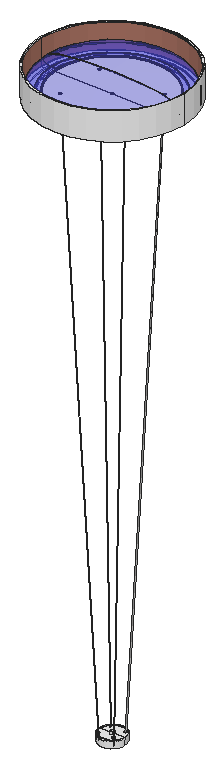
Revit family "50367.6_BEGA_Revit", category Generic Models, host Face, Revit 2017
Family settings
  Host = Face
  Can host rebar = No
  Round Connector Dimension = Use Diameter
  Part Type = Normal
  Cut with Voids When Loaded = No
  Shared = No
  Room Calculation Point = No
Parameters
  Default Elevation = 4' - 0"
Reference planes (in)
  plane 1 "Center (Front/Back)": y = 0
  plane 2: z = 0
  plane 3 "Center (Left/Right)": x = 0
Lines and regions (in)
  reference lines
    curve 1: line (0, 48, 0) -> (0, -48, 0)
    curve 2: line (48, 0, 0) -> (-48, 0, 0)
Dimensions and locks (in)
  aligned and locked: plane 2 to host face
  aligned and locked: level to host face
Nested families (in)
  nested 1: "50367.6_BEGA_Revit" at (0, 0, 0), type "BEGA_50366.6_K4"
    with Serial_number "Here you can enter the individual serial number for use in facility management.", Restrictions_to_operation_position "", Material_01 BEGA_finishes_graphite_matt, Distance_to_illuminated_objects "", Dimmable "DALI", Connected_wattage "101 W"
Definition of nested family "50367.6_BEGA_Revit"
  Parameters (values of type "BEGA_50366.6_K4")
    Weight = "28.9 kg"
    Voltage = 239.996 V
    Update = "2019-07-08T04:00:16"
    URL = "http://www.bega.de/de/produkt/50366.6"
    Type Comments = "© 2017 BEGA. Technical amendments reserved."
    Surface_temperature = ""
    Service_life_criteria = "L70B50 @ 25 °C = 200000 h"
    Serial_number [instance] = "Here you can enter the individual serial number for use in facility management."
    Safety_class = "I"
    Restrictions_to_operation_position [instance] = ""
    Protection_class = "IP 20"
    Product_data_sheet = "http://www.bega.de/download/Xrfa/db/50366.6.db.en.pdf"
    Order_number = "50366.6K4"
    Number_of_luminaires = ""
    Model = "50366.6K4"
    Material_29 = none
    Material_17 = none
    Material_15 = none
    Material_14 = none
    Material_11 = none
    Material_09 = none
    Material_06 = none
    Material_05 = none
    Material_03 = none
    Material_02 = none
    Material_01 [instance] = none
    Manufacturer = "BEGA"  # constant formula
    M_W = no
    M_G = no
    M_A = no
    Luminaire_luminous_flux = "10794 lm"
    Logo = 0
    Load_Classification = none
    Lamp_luminous_flux = "15420 lm"
    Lamp = "LED 92.4 W"
    LED_module_designation = "4x LED-0704/940"
    Half_beam_angle = ""
    Frequency = "0/50-60 Hz"
    Fixing_hole = ""
    Fixing_distance = ""
    Energy_efficiency_class = "LED A++ - A"
    built-in parameter 1150104 = 15.506 (stored number, unit not read)
    Wattage = 92.4 W
    ENEC = ""
    Distance_to_illuminated_objects [instance] = ""
    Dimmable [instance] = "DALI"
    Description_custom_made_product = "Here you can specify modifications of your custom-made product"
    Description = "Large-area pendant luminaire"
    Default Elevation = 0' - 0"
    built-in parameter 1150113 = 1 (stored number, unit not read)
    Custom_made_product = no
    Current = ""
    Connection_box = ""
    Connecting_cable = ""
    Connected_wattage [instance] = "101 W"
    Colour_temperature = "4000 K"
    Colour_rendering_index = "CRI > 90"
    CE_conformity = "yes"
    Bega_IES = yes
    Ballproof = ""
    built-in parameter 1114218 = 1 (stored number, unit not read)
    built-in parameter 1150134 = 12
    built-in parameter 1150109 = 1 (stored number, unit not read)
    built-in parameter 1150110 = 1 (stored number, unit not read)
    Tilt Angle = 0.00°
    built-in parameter 1114217 = 1 (stored number, unit not read)
    built-in parameter 1150139 = (empty or 0)
    built-in parameter 1150105 = 1227.2 (stored number, unit not read)
    built-in parameter 1150114 = 1 (stored number, unit not read)
    Lumens = 15421.6 lm
    built-in parameter 1150115 = 1 (stored number, unit not read)
    built-in parameter 1150112 = 1 (stored number, unit not read)
    Dimming Lamp Color Temperature Shift = (empty or 0)
    Color Filter = 16777215
    BEGA_internal_structure = yes
    BEGA_internal_on = yes
    BEGA_internal_off = yes
    BEGA_internal = yes
    BEGA_dummy = no
    built-in parameter 1150133 = 10 (stored number, unit not read)
    built-in parameter 1150137 = (empty or 0)
    built-in parameter 1150132 = (empty or 0)
    Photometric Web File = "BE_50366-6K4.IES"
    built-in parameter 1150106 = 12.272 (stored number, unit not read)
    built-in parameter 1150107 = 4000 (stored number, unit not read)
    built-in parameter 1150102 = (empty or 0)
    built-in parameter 1150138 = (empty or 0)
    Apparent Load = 0 VA
    Ambient_temperature = "25 °C"
    AC/DC = "AC/DC"
  Types (2): name | Order_number | Model | Luminaire_luminous_flux | Lamp_luminous_flux | LED_module_designation | built-in parameter 1150104 | Colour_temperature | built-in parameter 1150134 | built-in parameter 1150105 | Lumens | Photometric Web File | built-in parameter 1150106 | built-in parameter 1150107
    BEGA_50366.6_K4 | "50366.6K4" | "50366.6K4" | "10794 lm" | "15420 lm" | "4x LED-0704/940" | 15.506 (stored number, unit not read) | "4000 K" | 12 | 1227.2 (stored number, unit not read) | 15421.6 lm | "BE_50366-6K4.IES" | 12.272 (stored number, unit not read) | 4000 (stored number, unit not read)
    BEGA_50366.6_K3 | "50366.6K3" | "50366.6" | "10472 lm" | "14960 lm" | "4x LED-0704/930" | 15.041 (stored number, unit not read) | "3000 K" | (empty or 0) | 1190.4 (stored number, unit not read) | 14959.6 lm | "BE_50366-6.IES" | 11.904 (stored number, unit not read) | 3000 (stored number, unit not read)
  Reference planes (in)
    plane 1 "Center (Front/Back)": y = 0
    plane 2: z = 0
    plane 3 "Center (Left/Right)": x = 0
    plane 4 "left": x = -20.59056
    plane 5 "right": x = 20.59056
    plane 6 "down": y = -20.59055
    plane 7 "up": y = 20.59055
    plane 8 "Back": z = 0
    plane 9 "Front": z = 172.45864
  Forms (in)
    Extrusion 1, solid
      sketch origin (0, 0, 0) x (1, 0, 0) y (0, 1, 0)
        loop
          line (-7.87402, 7.87402) -> (-7.87402, -7.87402) -> (7.87402, -7.87402) -> (7.87402, 7.87402) -> (-7.87402, 7.87402)
      from 0 to -0.3937
    Extrusion 2, solid, visible <- "BEGA_dummy"
      sketch origin (3.03736, -2.99303, 0) x (1, 0, 0) y (0, 1, 0)
        loop
          circle (-3.03736, 2.99303) r 20.59056
      from 0 to 172.45864
  Dimensions and locks (in)
    aligned and locked: plane 2 to Extrusion 1
    aligned and locked: level to Extrusion 1
  Nested families (in)
    nested 1: "BE_50366.6" at (0, 0, 0), type "BE_50366.6"
  Connectors (in)
    electrical at (0, 0, 0), driven by "Apparent Load", driven by "Load_Classification", driven by "Voltage"
      settings: on Extrusion 1, index 1, voltage 239.996 V, apparent load 0 VA, apparent load phase1 0 VA, apparent load phase2 0 VA, apparent load phase3 0 VA, power factor 1, load classification none, number of poles 1, system type 31, power factor state 1, is connector primary yes, connector utility no, sub classification motor no, connector description ""
  Definition of nested family "BE_50366.6"
    Parameters (values of type "BE_50366.6")
      Default Elevation = 0' - 0.03937"
      URL = "http://www.bega.de/de/produkt"
      Type Comments = "© 2015 BEGA. Wir behalten uns das Recht vor, technische Änderungen ohne vorherige Ankündigung vorzunehmen. "  # constant formula
      Type Image = (empty or 0)
      Neigungswinkel_um_Z2 = 0.00°
      Neigungswinkel_um_Z1 = 0.00°
      Neigungswinkel_um_Y2 = 0.00°
      Neigungswinkel_um_Y1 = 0.00°
      Neigungswinkel_um_X2 = 0.00°
      Neigungswinkel_um_X1 = 0.00°
      Material_29 = none
      Material_17 = none
      Material_15 = none
      Material_14 = none
      Material_11 = none
      Material_09 = none
      Material_06 = none
      Material_05 = none
      Material_03 = none
      Material_02 = none
      Material_01 = none
      M_W = yes
      M_G = yes
      M_A = yes
      Länge_Platte = 1' - 3.74803"  # constant formula
      Höhe_Platte = -0' - 0.3937"  # constant formula
      Manufacturer = "BEGA"  # constant formula
      Drehwinkel_um_Z2 = 0.00°
      Drehwinkel_um_Z1 = 0.00°
      Breite_Platte = 1' - 3.74803"  # constant formula
    Reference planes (in)
      plane 1 "Mitte (Oben/Unten)": y = 0
      plane 2: z = 0
      plane 3 "Mitte (Links/Rechts)": x = 0
      plane 4: x = -20.59056
      plane 5: x = 20.59056
      plane 6: z = 0
      plane 7: z = 172.45864
      plane 8: y = -20.59055
      plane 9: y = 20.59055
    Forms (in)
      Extrusion 1, solid, detail levels medium
        sketch origin (0, 0, 0) x (1, 0, 0) y (0, 1, 0)
          loop
            line (-7.87402, 7.87402) -> (-7.87402, -7.87402) -> (7.87402, -7.87402) -> (7.87402, 7.87402) -> (-7.87402, 7.87402)
        from 0 to -0.3937 <- "Höhe_Platte"
      Revolve 2, solid, material <- "Material_03", detail levels medium+fine
        sketch origin (0, 0, 0) x (1, 0, 0) y (0, 0, 1)
          loop
            arc (-3.60236, 1.9685) -> (-3.65804, 1.94544) -> (-3.6811, 1.88976) r 0.07874
            line (-3.6811, 1.88976) -> (-3.6811, 0) -> (-3.60236, 0) -> (-3.60236, 1.85039)
            arc (-3.60236, 1.85039) -> (-3.59083, 1.87823) -> (-3.56299, 1.88976) r 0.03937
            line (-3.56299, 1.88976) -> (0, 1.88976) -> (0, 2.37205) -> (-0.51181, 2.37205) -> (-0.55118, 2.33268) -> (-0.55118, 1.9685) -> (-3.60236, 1.9685)
          axis (0, 2.37205) -> (0, 0)
        angle from 0 to 360
      Extrusion 3, void
        sketch origin (0, 0, 0) x (1, 0, 0) y (0, 1, 0)
          loop
            arc (2.15686, -2.07334) -> (1.88608, -1.88608) -> (2.07334, -2.15686) r 0.16732
            line (2.07334, -2.15686) -> (2.40806, -2.49158)
            arc (2.40806, -2.49158) -> (2.49168, -2.49147) -> (2.49136, -2.40785) r 0.05906
            line (2.49136, -2.40785) -> (2.15686, -2.07334)
          loop
            line (2.15686, 2.07334) -> (2.49136, 2.40785)
            arc (2.49136, 2.40785) -> (2.49168, 2.49147) -> (2.40806, 2.49158) r 0.05906
            line (2.40806, 2.49158) -> (2.07334, 2.15686)
            arc (2.07334, 2.15686) -> (1.88608, 1.88608) -> (2.15686, 2.07334) r 0.16732
          loop
            line (-2.15686, -2.07334) -> (-2.49136, -2.40785)
            arc (-2.49136, -2.40785) -> (-2.49168, -2.49147) -> (-2.40806, -2.49158) r 0.05906
            line (-2.40806, -2.49158) -> (-2.07334, -2.15686)
            arc (-2.07334, -2.15686) -> (-1.88608, -1.88608) -> (-2.15686, -2.07334) r 0.16732
          loop
            arc (-2.15686, 2.07334) -> (-1.88608, 1.88608) -> (-2.07334, 2.15686) r 0.16732
            line (-2.07334, 2.15686) -> (-2.40806, 2.49158)
            arc (-2.40806, 2.49158) -> (-2.49168, 2.49147) -> (-2.49136, 2.40785) r 0.05906
            line (-2.49136, 2.40785) -> (-2.15686, 2.07334)
        from 1.7691 to 2.00944
      Revolve 4, solid, material <- "Material_03", detail levels medium+fine
        sketch origin (0, 0, 0) x (0.707107, -0.707107, 0) y (0, 0, 1)
          loop
            line (2.1063, 1.9685) -> (2.22048, 1.9685) -> (2.22048, 2.04733)
            arc (2.22048, 2.04733) -> (2.21471, 2.06116) -> (2.20088, 2.06693) r 0.01969
            line (2.20088, 2.06693) -> (2.12599, 2.06691)
            arc (2.12599, 2.06691) -> (2.11207, 2.06114) -> (2.1063, 2.04722) r 0.01969
            line (2.1063, 2.04722) -> (2.1063, 1.9685)
          axis (2.3622, 1.9685) -> (2.3622, 2.06693)
        angle from 0 to 360
      Revolve 5, void
        sketch origin (0, 0, 0) x (1, 0, 0) y (0, 0, 1)
          loop
            line (-3.58138, 0.86614) -> (-3.69089, 0.86614) -> (-3.69089, 0.7874) -> (-3.58138, 0.7874) -> (-3.58138, 0.86614)
          axis (-3.58138, 0.7874) -> (-3.69089, 0.7874)
        angle from 0 to 360
      Revolve 6, solid, material <- "Material_06", detail levels medium+fine
        sketch origin (-0.60795, -0.58707, 0.01977) x (0.707049, 0.707107, 0.009009) y (-0.012741, 0, 0.999919)
          loop
            line (-9.27343, 165.31893) -> (-2.11998, 0.30085) -> (-2.08852, 0.30221) -> (-9.24196, 165.32029) -> (-9.27343, 165.31893)
          axis (-9.24196, 165.32029) -> (-2.08852, 0.30221)
        angle from 0 to 360
      Revolve 7, solid, material <- "Material_06", detail levels medium+fine
        sketch origin (0.60795, -0.58707, 0.01977) x (-0.707049, 0.707107, 0.009009) y (-0.012741, 0, -0.999919)
          loop
            line (-9.27158, -165.27641) -> (-9.24012, -165.27778) -> (-2.08852, -0.30221) -> (-2.11998, -0.30085) -> (-9.27158, -165.27641)
          axis (-9.24012, -165.27778) -> (-2.08852, -0.30221)
        angle from 0 to 360
      Revolve 8, solid, material <- "Material_06", detail levels medium+fine
        sketch origin (-0.60795, 0.58707, 0.01977) x (0.707049, -0.707107, 0.009009) y (0.012741, 0, -0.999919)
          loop
            line (-9.27362, -165.32339) -> (-9.24215, -165.32476) -> (-2.08852, -0.30221) -> (-2.11998, -0.30085) -> (-9.27362, -165.32339)
          axis (-9.24215, -165.32476) -> (-2.08852, -0.30221)
        angle from 0 to 360
      Revolve 9, solid, material <- "Material_06", detail levels medium+fine
        sketch origin (0.60795, 0.58707, 0.01977) x (-0.707049, -0.707107, 0.009009) y (0.012741, 0, 0.999919)
          loop
            line (-9.27155, 165.27568) -> (-2.11998, 0.30085) -> (-2.08852, 0.30221) -> (-9.24008, 165.27704) -> (-9.27155, 165.27568)
          axis (-9.24008, 165.27704) -> (-2.08852, 0.30221)
        angle from 0 to 360
      Revolve 10, solid
        sketch origin (0, 0, 0) x (1, 0, 0) y (0, 0, 1)
          loop
            line (-17.11757, 164.68699) -> (-17.11757, 164.8051) -> (-20.27045, 164.8051) -> (-20.27045, 164.68699) -> (-17.11757, 164.68699)
          axis (0, 164.68699) -> (0, 164.8051)
        angle from 0 to 360
      Revolve 11, solid, material <- "Material_03", detail levels medium+fine
        sketch origin (0, 0, 0) x (1, 0, 0) y (0, 0, 1)
          loop
            line (-20.27045, 164.68699) -> (-17.11757, 164.68699) -> (-17.11757, 164.8051) -> (-20.27045, 164.8051) -> (-20.27045, 164.68699)
          loop
            line (-17.31442, 165.24604) -> (-17.31442, 165.1673) -> (-17.31442, 164.93896) -> (-17.26265, 164.93896) -> (-17.26265, 165.1673) -> (0, 165.1673) -> (0, 165.24604) -> (-17.31442, 165.24604)
          axis (0, 164.68699) -> (0, 165.24604)
        angle from 0 to 360
      Revolve 12, solid, material <- "Material_03", detail levels medium+fine
        sketch origin (0, 0, 0) x (1, 0, 0) y (0, 0, 1)
          loop
            line (-20.59056, 172.45864) -> (-20.59056, 164.58463) -> (-20.43308, 164.58463) -> (-20.43308, 164.93896) -> (-19.25197, 164.93896) -> (-19.25197, 165.09644) -> (-20.43308, 165.09644) -> (-20.43308, 172.32085) -> (-20.23623, 172.32085) -> (-20.23623, 172.45864) -> (-20.59056, 172.45864)
          axis (0, 164.58463) -> (0, 172.45864)
        angle from 0 to 360
      Revolve 13, solid, material <- "Material_29", detail levels medium+fine
        sketch origin (0, 0, 0) x (1, 0, 0) y (0, 0, 1)
          loop
            line (-20.37402, 172.32085) -> (-20.43308, 172.32085) -> (-20.43308, 165.23423) -> (-20.37402, 165.23423) -> (-20.37402, 172.32085)
          axis (0, 165.23423) -> (0, 172.32085)
        angle from 0 to 360
      Revolve 14, solid, material <- "Material_14", detail levels medium+fine
        sketch origin (0, 0, 0) x (1, 0, 0) y (0, 0, 1)
          loop
            spline (-0.00145, 171.06101) -> (-3.02258, 171.03354) -> (-5.82124, 170.95129) -> (-8.38673, 170.81457) -> (-10.70924, 170.62392) -> (-12.77987, 170.38004) -> (-14.59072, 170.08389) -> (-16.13486, 169.73659) -> (-17.40638, 169.33946) -> (-18.40042, 168.89404) -> (-19.11318, 168.40202) -> (-19.54194, 167.86528) -> (-19.68504, 167.28587)
            spline (-19.68504, 167.28587) -> (-19.66748, 167.11857) -> (-19.61499, 166.95347) -> (-19.52815, 166.79238) -> (-19.40791, 166.63708) -> (-19.25562, 166.48929) -> (-19.07294, 166.35065) -> (-18.86189, 166.22268) -> (-18.62482, 166.10679) -> (-18.36432, 166.00427) -> (-18.08329, 165.91625) -> (-17.78483, 165.8437) -> (-17.47222, 165.78743)
            arc (-17.47222, 165.78743) -> (-17.39868, 165.79305) -> (-17.33577, 165.83154) r 0.15748
            line (-17.33577, 165.83154) -> (-17.28722, 165.88008)
            arc (-17.28722, 165.88008) -> (-17.26162, 165.8974) -> (-17.23132, 165.90352) r 0.07874
            line (-17.23132, 165.90352) -> (-15.91846, 165.90352) -> (-15.80481, 165.70667) -> (-15.62297, 165.70667) -> (-15.75427, 165.9341)
            arc (-15.75427, 165.9341) -> (-15.84125, 166.0268) -> (-15.96368, 166.061) r 0.23622
            line (-15.96368, 166.061) -> (-17.23164, 166.061)
            arc (-17.23164, 166.061) -> (-17.32178, 166.04293) -> (-17.3982, 165.99182) r 0.23622
            line (-17.3982, 165.99182) -> (-17.44712, 165.9429)
            spline (-17.44712, 165.9429) -> (-17.75084, 165.99752) -> (-18.03994, 166.0677) -> (-18.31099, 166.15245) -> (-18.56066, 166.25066) -> (-18.78599, 166.36067) -> (-18.98414, 166.48071) -> (-19.1526, 166.60881) -> (-19.29024, 166.74232) -> (-19.39626, 166.87843) -> (-19.47028, 167.01475) -> (-19.51351, 167.15063) -> (-19.52756, 167.28587)
            spline (-19.52756, 167.28587) -> (-19.40182, 167.79349) -> (-19.0075, 168.28512) -> (-18.32467, 168.7559) -> (-17.35148, 169.19188) -> (-16.0946, 169.58432) -> (-14.56103, 169.92911) -> (-12.75817, 170.22405) -> (-10.69367, 170.46721) -> (-8.37616, 170.65745) -> (-5.8148, 170.79393) -> (-3.01955, 170.87606) -> (-0.00145, 170.90353)
            line (-0.00145, 170.90353) -> (-0.00145, 171.06101)
          axis (-0.00145, 171.06101) -> (-0.00145, 165.70667)
        angle from 0 to 360
      Revolve 15, void
        sketch origin (0, 0, 0) x (1, 0, 0) y (0, 0, 1)
          loop
            line (-0.31496, 165.24604) -> (-0.31496, 165.15549) -> (0, 165.15549) -> (0, 165.24604) -> (-0.31496, 165.24604)
          axis (0, 165.15549) -> (0, 165.24604)
        angle from 0 to 360
      Revolve 16, solid, material <- "Material_06", detail levels medium+fine
        sketch origin (0, -7.08661, 0) x (1, 0, 0) y (0, 0, 1)
          loop
            arc (-9.56537, 165.1673) -> (-9.5301, 165.09777) -> (-9.48009, 165.03796) r 0.34449
            line (-9.48009, 165.03796) -> (-9.2425, 165.03796) -> (-9.2425, 165.1673) -> (-9.56537, 165.1673)
          axis (-9.2425, 165.03796) -> (-9.2425, 165.1673)
        angle from 0 to 360
      Revolve 17, solid, material <- "Material_06", detail levels medium+fine
        sketch origin (0, -7.08661, 0) x (-1, 0, 0) y (0, 0, -1)
          loop
            line (-9.56537, -165.1673) -> (-9.2425, -165.1673) -> (-9.2425, -165.03796) -> (-9.48009, -165.03796)
            arc (-9.48009, -165.03796) -> (-9.5301, -165.09777) -> (-9.56537, -165.1673) r 0.34449
          axis (-9.2425, -165.03796) -> (-9.2425, -165.1673)
        angle from 0 to 360
      Revolve 18, solid, material <- "Material_06", detail levels medium+fine
        sketch origin (0, 7.08661, 0) x (1, 0, 0) y (0, 0, -1)
          loop
            line (-9.56537, -165.1673) -> (-9.2425, -165.1673) -> (-9.2425, -165.03796) -> (-9.48009, -165.03796)
            arc (-9.48009, -165.03796) -> (-9.5301, -165.09777) -> (-9.56537, -165.1673) r 0.34449
          axis (-9.2425, -165.03796) -> (-9.2425, -165.1673)
        angle from 0 to 360
      Revolve 19, solid, material <- "Material_06", detail levels medium+fine
        sketch origin (0, 7.08661, 0) x (-1, 0, 0) y (0, 0, 1)
          loop
            arc (-9.56537, 165.1673) -> (-9.5301, 165.09777) -> (-9.48009, 165.03796) r 0.34449
            line (-9.48009, 165.03796) -> (-9.2425, 165.03796) -> (-9.2425, 165.1673) -> (-9.56537, 165.1673)
          axis (-9.2425, 165.03796) -> (-9.2425, 165.1673)
        angle from 0 to 360
    Cuts and joins
      Extrusion 3, Revolve 5 cuts Revolve 2
      Revolve 5 cuts Revolve 4
      joined: Revolve 2, Revolve 4
      joined: Revolve 6, Revolve 7, Revolve 8, Revolve 9, Revolve 16, Revolve 17, Revolve 18, Revolve 19
      Revolve 15 cuts Revolve 11
    Dimensions and locks (in)
      equal spacing: Extrusion 1 sketch curve, plane 3 "Mitte (Links/Rechts)", Extrusion 1 sketch curve
      equal spacing: Extrusion 1 sketch curve, plane 1 "Mitte (Oben/Unten)", Extrusion 1 sketch curve
      "Länge_Platte": Extrusion 1 sketch curve to Extrusion 1 sketch curve
      "Breite_Platte": Extrusion 1 sketch curve to Extrusion 1 sketch curve
      aligned and locked: plane 2 to Extrusion 1
      aligned and locked: level to Extrusion 1
    Automatic sketch dimensions
      Revolve 2 sketch curve to level = 0' - 0"
      Revolve 2 sketch curve to plane 3 "Mitte (Links/Rechts)" = 0' - 0"  (x2)
      Revolve 2 sketch curve to Revolve 2 sketch curve = 0' - 0.51181"
      Revolve 2 sketch curve to Revolve 2 sketch curve = 0' - 0.03937"  (x3)
      Revolve 2 sketch curve to Revolve 2 sketch curve = 0' - 0"  (x8)
      Revolve 2 sketch curve to Revolve 2 sketch curve = 0' - 0.07874"  (x4)
      Revolve 2 sketch curve to Revolve 2 sketch curve = 0' - 0.36417"
      Revolve 2 sketch curve to Revolve 2 sketch curve = 0' - 0.48228"
      Revolve 2 sketch curve to Revolve 2 sketch curve = 0' - 0.31496"
      Extrusion 3 sketch curve to Extrusion 3 sketch curve = 0' - 0.04155"  (x4)
      Extrusion 3 sketch curve to Extrusion 3 sketch curve = 0' - 0.33451"  (x4)
      Extrusion 3 sketch curve to Extrusion 3 sketch curve = 0' - 0.08352"  (x6)
      Extrusion 3 sketch curve to Extrusion 3 sketch curve = 0' - 0.06894"  (x6)
      plane 3 "Mitte (Links/Rechts)" to Extrusion 3 sketch curve = 0' - 2.0044"  (x2)
      Extrusion 3 sketch curve to Extrusion 3 sketch curve = 0' - 0.37648"  (x2)
      Extrusion 3 sketch curve to Extrusion 3 sketch curve = 0' - 0.04197"  (x4)
      Extrusion 3 sketch curve to Extrusion 3 sketch curve = 0' - 0 75/256"  (x2)
      Extrusion 3 sketch curve to plane 1 "Mitte (Oben/Unten)" = 0' - 2.0044"  (x2)
      Extrusion 3 sketch curve to Extrusion 3 sketch curve = 0' - 0.04176"  (x4)
      Extrusion 3 sketch curve to Extrusion 3 sketch curve = 0' - 0"  (x8)
      Revolve 4 sketch curve to Revolve 4 sketch curve = 0' - 0.01969"  (x2)
      Revolve 4 sketch curve to Revolve 4 sketch curve = 0' - 0.0748"
      Revolve 4 sketch curve to Revolve 4 sketch curve = 0' - 0.00009"  (x2)
      Revolve 4 sketch curve to Revolve 4 sketch curve = 0' - 0.07872"
      Revolve 4 sketch curve to Revolve 4 sketch curve = 0' - 0"  (x3)
      Revolve 4 sketch curve to Revolve 4 sketch curve = 0' - 0.14173"
      Revolve 4 sketch curve to Revolve 4 sketch curve = 0' - 0.02727"
      Revolve 4 sketch curve to Revolve 4 sketch curve = 0' - 0.12561"
      Revolve 5 sketch curve to Revolve 5 sketch curve = 0' - 0.1095"
      level to Revolve 5 sketch curve = 0' - 0.7874"
      Revolve 5 sketch curve to Revolve 5 sketch curve = 0' - 0.07874"
      Revolve 5 sketch curve to Revolve 5 sketch curve = 0' - 0.06898"
      Revolve 5 sketch curve to Revolve 5 sketch curve = 0' - 0"  (x2)
      Revolve 6 sketch curve to Revolve 6 sketch curve = 0' - 0.03147"  (x2)
      Revolve 6 sketch curve to Revolve 6 sketch curve = 0' - 7.15344"
      Revolve 6 sketch curve to Revolve 6 sketch curve = 13' - 9.01808"
      Revolve 6 sketch curve to Revolve 6 sketch curve = 0' - 0.02669"
      Revolve 6 sketch curve to Revolve 6 sketch curve = 0' - 0.03112"
      Revolve 6 sketch curve to Revolve 6 sketch curve = 0' - 1.33359"
      Revolve 6 sketch curve to Revolve 6 sketch curve = 0' - 0.61561"
      Revolve 7 sketch curve to Revolve 7 sketch curve = 0' - 0.03147"
      Revolve 7 sketch curve to Revolve 7 sketch curve = 0' - 7.1516"
      Revolve 7 sketch curve to Revolve 7 sketch curve = 13' - 8.97557"
      Revolve 7 sketch curve to Revolve 7 sketch curve = 0' - 0.02484"
      Revolve 7 sketch curve to Revolve 7 sketch curve = 0' - 0.03112"
      Revolve 7 sketch curve to Revolve 7 sketch curve = 0' - 0.5731"
      Revolve 7 sketch curve to Revolve 7 sketch curve = 0' - 0.71798"
      Revolve 8 sketch curve to Revolve 8 sketch curve = 0' - 0.03147"
      Revolve 8 sketch curve to Revolve 8 sketch curve = 0' - 7.15364"
      Revolve 8 sketch curve to Revolve 8 sketch curve = 13' - 9.02254"
      Revolve 8 sketch curve to Revolve 8 sketch curve = 0' - 0.02688"
      Revolve 8 sketch curve to Revolve 8 sketch curve = 0' - 0.03112"
      Revolve 8 sketch curve to Revolve 8 sketch curve = 0' - 0.62008"
      Revolve 8 sketch curve to Revolve 8 sketch curve = 0' - 0.71798"
      Revolve 9 sketch curve to Revolve 9 sketch curve = 0' - 0.03147"  (x2)
      Revolve 9 sketch curve to Revolve 9 sketch curve = 0' - 7.15157"
      Revolve 9 sketch curve to Revolve 9 sketch curve = 13' - 8.97483"
      Revolve 9 sketch curve to Revolve 9 sketch curve = 0' - 0.02481"
      Revolve 9 sketch curve to Revolve 9 sketch curve = 0' - 0.03112"
      Revolve 9 sketch curve to Revolve 9 sketch curve = 0' - 1.29034"
      Revolve 9 sketch curve to Revolve 9 sketch curve = 0' - 0.57237"
      Revolve 10 sketch curve to plane 3 "Mitte (Links/Rechts)" = 0' - 0"
      Revolve 10 sketch curve to Revolve 10 sketch curve = 0' - 3.15288"
      Revolve 10 sketch curve to Revolve 10 sketch curve = 0' - 0.11811"
      Revolve 10 sketch curve to Revolve 10 sketch curve = 0' - 2.75591"
      Revolve 10 sketch curve to Revolve 10 sketch curve = 0' - 3.93701"
      Revolve 11 sketch curve to plane 3 "Mitte (Links/Rechts)" = 0' - 0"  (x2)
      Revolve 11 sketch curve to Revolve 11 sketch curve = 0' - 0.14509"
      Revolve 11 sketch curve to Revolve 11 sketch curve = 0' - 0.05176"
      Revolve 11 sketch curve to Revolve 11 sketch curve = 0' - 2.95603"
      Revolve 11 sketch curve to Revolve 11 sketch curve = 0' - 0.11811"
      Revolve 11 sketch curve to Revolve 11 sketch curve = 0' - 0.13385"
      Revolve 11 sketch curve to Revolve 11 sketch curve = 0' - 0.22834"
      Revolve 11 sketch curve to Revolve 11 sketch curve = 0' - 0.36219"
      Revolve 11 sketch curve to Revolve 11 sketch curve = 0' - 0.07874"
      Revolve 11 sketch curve to Revolve 11 sketch curve = 0' - 5.59841"
      Revolve 11 sketch curve to Revolve 11 sketch curve = 0' - 1.21261"
      Revolve 12 sketch curve to plane 3 "Mitte (Links/Rechts)" = 0' - 0"
      Revolve 12 sketch curve to Revolve 12 sketch curve = 0' - 0.98425"
      Revolve 12 sketch curve to Revolve 12 sketch curve = 0' - 1.1811"
      Revolve 12 sketch curve to Revolve 12 sketch curve = 0' - 0.19685"
      Revolve 12 sketch curve to Revolve 12 sketch curve = 0' - 0.15748"  (x2)
      Revolve 12 sketch curve to Revolve 12 sketch curve = 0' - 0.35433"
      Revolve 12 sketch curve to Revolve 12 sketch curve = 0' - 7.22441"
      Revolve 12 sketch curve to Revolve 12 sketch curve = 0' - 0.1378"
      Revolve 12 sketch curve to Revolve 12 sketch curve = 0' - 4.13386"
      Revolve 12 sketch curve to Revolve 12 sketch curve = 0' - 1.96609"
      Revolve 13 sketch curve to plane 3 "Mitte (Links/Rechts)" = 0' - 0"
      Revolve 13 sketch curve to Revolve 13 sketch curve = 0' - 0.05906"
      Revolve 13 sketch curve to Revolve 13 sketch curve = 0' - 7.08661"
      Revolve 13 sketch curve to Revolve 13 sketch curve = 0' - 2.16535"
      Revolve 13 sketch curve to Revolve 13 sketch curve = 0' - 3.74016"
      Revolve 14 sketch curve to Revolve 14 sketch curve = 0' - 2.08044"
      Revolve 14 sketch curve to Revolve 14 sketch curve = 0' - 0"  (x12)
      Revolve 14 sketch curve to Revolve 14 sketch curve = 0' - 0.1599"
      Revolve 14 sketch curve to Revolve 14 sketch curve = 0' - 0.05558"
      Revolve 14 sketch curve to Revolve 14 sketch curve = 0' - 0.0559"
      Revolve 14 sketch curve to Revolve 14 sketch curve = 0' - 0.05605"
      Revolve 14 sketch curve to Revolve 14 sketch curve = 0' - 1.26796"
      Revolve 14 sketch curve to Revolve 14 sketch curve = 0' - 0.04522"
      Revolve 14 sketch curve to Revolve 14 sketch curve = 0' - 0.15887"
      Revolve 14 sketch curve to Revolve 14 sketch curve = 0' - 0.16418"
      Revolve 14 sketch curve to Revolve 14 sketch curve = 0' - 0.18184"
      Revolve 14 sketch curve to plane 3 "Mitte (Links/Rechts)" = 0' - 0.00145"
      Revolve 14 sketch curve to Revolve 14 sketch curve = 0' - 0.11811"
      Revolve 14 sketch curve to Revolve 14 sketch curve = 0' - 0.0553"
      Revolve 14 sketch curve to Revolve 14 sketch curve = 0' - 0.03058"
      Revolve 14 sketch curve to Revolve 14 sketch curve = 0' - 0.06281"
      Revolve 14 sketch curve to Revolve 14 sketch curve = 0' - 1.34298"
      Revolve 14 sketch curve to Revolve 14 sketch curve = 0' - 5.19685"
      Revolve 14 sketch curve to Revolve 14 sketch curve = 0' - 0.15748"  (x2)
      Revolve 14 sketch curve to Revolve 14 sketch curve = 0' - 0.0251"
      Revolve 14 sketch curve to Revolve 14 sketch curve = 0' - 0.04892"
      Revolve 14 sketch curve to Revolve 14 sketch curve = 0' - 0.04855"
      Revolve 14 sketch curve to Revolve 14 sketch curve = 0' - 0.54109"
      Revolve 14 sketch curve to Revolve 14 sketch curve = 0' - 2 55/128"
      Revolve 14 sketch curve to Revolve 14 sketch curve = 6' - 2.82188"
      Revolve 14 sketch curve to Revolve 14 sketch curve = 1' - 2.19408"
      Revolve 14 sketch curve to Revolve 14 sketch curve = 0' - 0.15547"
      Revolve 14 sketch curve to Revolve 14 sketch curve = 0' - 0.92275"
      Revolve 15 sketch curve to plane 3 "Mitte (Links/Rechts)" = 0' - 0"  (x2)
      Revolve 15 sketch curve to Revolve 15 sketch curve = 0' - 0.31496"
      Revolve 15 sketch curve to Revolve 15 sketch curve = 0' - 0.09054"
      Revolve 15 sketch curve to Revolve 15 sketch curve = 0' - 0"  (x2)
      Revolve 16 sketch curve to Revolve 16 sketch curve = 0' - 0.08528"
      Revolve 16 sketch curve to Revolve 16 sketch curve = 0' - 0.23759"
      Revolve 16 sketch curve to Revolve 16 sketch curve = 0' - 0"  (x4)
      Revolve 16 sketch curve to Revolve 16 sketch curve = 0' - 0.12934"
      Revolve 17 sketch curve to Revolve 17 sketch curve = 0' - 0.08528"
      Revolve 17 sketch curve to Revolve 17 sketch curve = 0' - 0.23759"
      Revolve 17 sketch curve to Revolve 17 sketch curve = 0' - 0"  (x4)
      Revolve 17 sketch curve to Revolve 17 sketch curve = 0' - 0.12011"
      Revolve 18 sketch curve to Revolve 18 sketch curve = 0' - 0.08528"
      Revolve 18 sketch curve to Revolve 18 sketch curve = 0' - 0.23759"
      Revolve 18 sketch curve to Revolve 18 sketch curve = 0' - 0"  (x4)
      Revolve 18 sketch curve to Revolve 18 sketch curve = 0' - 0.12011"
      Revolve 19 sketch curve to Revolve 19 sketch curve = 0' - 0.08528"
      Revolve 19 sketch curve to Revolve 19 sketch curve = 0' - 0.23759"
      Revolve 19 sketch curve to Revolve 19 sketch curve = 0' - 0"  (x4)
      Revolve 19 sketch curve to Revolve 19 sketch curve = 0' - 0.12934"
      level to Revolve 2 sketch curve = 0' - 1.85039"
      level to Revolve 4 sketch curve = 0' - 1.9685"
      Revolve 10 sketch curve to plane 7 = 0' - 7.77165"
      Revolve 11 sketch curve to plane 7 = 0' - 7.77165"
      Revolve 12 sketch curve to plane 7 = 0' - 0"
      Revolve 13 sketch curve to plane 7 = 0' - 7.22441"
      Revolve 14 sketch curve to plane 7 = 0' - 6.75197"
      Revolve 15 sketch curve to plane 7 = 0' - 7.30315"
      Revolve 16 sketch curve to plane 7 = 0' - 7.42068"
      Revolve 17 sketch curve to plane 7 = 0' - 7.17124"
      Revolve 18 sketch curve to plane 7 = 0' - 7.17124"
      Revolve 19 sketch curve to plane 7 = 0' - 7.42068"
      plane 1 "Mitte (Oben/Unten)" to Extrusion 3 sketch curve = 0' - 2.0044"  (x2)
      Revolve 2 sketch curve to Revolve 2 sketch curve = 0' - 3.01181"
      Extrusion 3 sketch curve to plane 3 "Mitte (Links/Rechts)" = 0' - 2.0044"  (x2)
      Revolve 5 sketch curve to plane 3 "Mitte (Links/Rechts)" = 0' - 3.69089"
      plane 4 to Revolve 10 sketch curve = 0' - 3.47299"
      plane 4 to Revolve 11 sketch curve = 0' - 3.47299"
      Revolve 12 sketch curve to plane 4 = 0' - 0"
      plane 4 to Revolve 13 sketch curve = 0' - 0.21654"
      Revolve 16 sketch curve to plane 3 "Mitte (Links/Rechts)" = 0' - 9.56537"
      Revolve 18 sketch curve to plane 3 "Mitte (Links/Rechts)" = 0' - 9.56537"
      plane 4 to Revolve 14 sketch curve = 0' - 4.96759"
      plane 3 "Mitte (Links/Rechts)" to Revolve 17 sketch curve = 0' - 9.56537"
      plane 3 "Mitte (Links/Rechts)" to Revolve 19 sketch curve = 0' - 9.56537"
